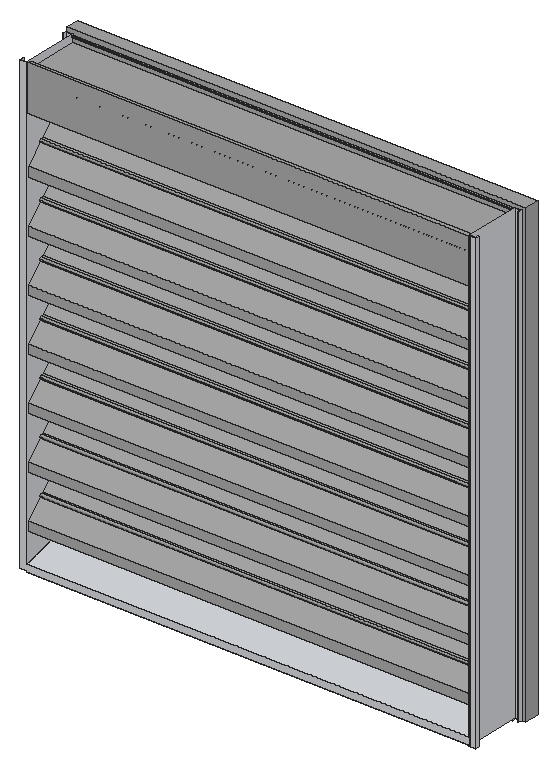
Revit family
Parameters
  Weight = "4 lb/sq.ft."  # constant formula
  Warranty = "All materials and workmanship are warranted for a period of 1 year from date of completion."  # constant formula
  URL = "http://www.industriallouvers.com"
  Surface Finish = "Aluminum, Anodized, or Kynar finish"  # constant formula
  Support Material = Aluminum
  Subcategory = "Fixed Extruded Non-Drainable "  # constant formula
  Static Pressure Loss = ".15\" of water gage @ an air flow of 823.4 FPM free area velocity"
  Specifications  URL = "http://www.industriallouvers.com/downloads/Extruded%20Non-Drainable/650XP_SD.doc"
  Screen Width [instance] = Louver Width - 0' 0 1/2"  # 3' - 11 1/2"
  Screen Material = Screen Material
  Screen Height [instance] = Louver Height - 0' 0 1/2"  # 3' - 11 1/2"
  SMARTBIM URL = "http://www.SMARTBIM.com"
  SMARTBIM Object Version = 3  # constant formula
  SMARTBIM Object Created By = "SMARTBIM, LLC"  # constant formula
  SMARTBIM Contact = "mailto:SMARTBIM@SMARTBIM.com"
  Product Submittal URL = "http://www.industriallouvers.com/downloads/Extruded%20Non-Drainable/650XP_PS.pdf"
  Product Page URL = "http://www.industriallouvers.com/lv_fend.php"
  Number of Blades [instance] = (Louver Height - 0' 8 5/8") / 0' 6"  # 7
  Model = "650XP "  # constant formula
  Minimum Height = 1' - 4"  # constant formula
  Maximum Water Penetration = ".01 oz at an air flow of 945.5 FPM"  # constant formula
  Maximum Size - Single Section [instance] = "One dimension not to exceed 78\" or 300 lbs"
  Material = "Aluminum"  # constant formula
  Manufacturer Toll Free Phone = "1-800-328-3421"  # constant formula
  Manufacturer Phone = "763-972-2981"  # constant formula
  Manufacturer Fax = "763-972-2911"  # constant formula
  Manufacturer Email = "mailto:ilinfo@industriallouvers.com"
  Manufacturer Address = "511 S. 7th Street, Delano, MN 55328"  # constant formula
  Manufacturer = "Industrial Louvers, Inc."  # constant formula
  Maintenance = "http://www.industriallouvers.com/prod-forms/Maintenance%20Instructions.pdf"
  Louver Width [instance] = 4' - 0"
  Louver Height [instance] = 4' - 0"
  Installation URL = "http://www.industriallouvers.com/downloads/Extruded%20Non-Drainable/650XP_II.pdf"
  Height [instance] = if(Louver Height < 1' 6", 1' 6", Louver Height + 0' 0 1/8")  # 4' - 0 1/8"
  Free Area for 48”x48” Louver = "52.9%"  # constant formula
  Free Area (ft²) for 48" x 48" Louver = "8.47"  # constant formula
  Frame Material = Aluminum
  Fill Material = Product Filling
  Description = "Fixed Extruded Non-Drainable "  # constant formula
  Depth = 0' - 6"  # constant formula
  Default Elevation = 4' - 0"
  Cost Info = "Contact Factory"  # constant formula
  CAD Drawings = "http://www.industriallouvers.com/downloads/Extruded%20Non-Drainable/650XP_ACD.dwg"
  Blade Width [instance] = Louver Width - 0' 1 1/2"  # 3' - 10 1/2"
  Blade Start Height [instance] = 0' 1" + (((Louver Height - Blade Region Height) / 2) / 2) - 0' 0 5/64"  # 0' - 3 59/64"
  Blade Region Height [instance] = (Blade Count) * 0' 6" - 0' 6"  # 3' - 0"
  Blade Material = Aluminum
  Blade Count [instance] = if(((Louver Height - 0' 5 1/2") / 0' 5") < 2, 2, ((Louver Height - 0' 8 5/8") / 0' 6"))  # 7
  Assembly Code = "B2010300"
  95 CSI = "10200"  # constant formula
  04 CSI = "08 91 00"  # constant formula
Reference planes (in)
  plane 1 "Center (Front/Back)": y = -1
  plane 2: z = 0
  plane 3 "Center (Left/Right)": x = 0
  plane 4: x = -24.2
  plane 5 "Back of Blade": y = 2
  plane 6: z = 4.04688
  plane 7: z = 40.04688
  plane 8: z = 48.47554
  plane 9 "Back of Screen": y = 2.345
  plane 10: y = 2.47
  plane 11: y = 3.845
  plane 12 "Front of Louver": y = -2
  plane 13: z = 24.30027
  plane 14: x = -23.25
  plane 15: y = -4
  plane 16: z = 24.30027
  plane 17: z = 0.25
  plane 18: z = 37.51563
  plane 19: z = 47.55027
  plane 20: x = -24
  plane 21: z = 0.30027
  plane 22: z = 48.30027
  plane 23: x = 24.2
  plane 24: x = 23.25
  plane 25: x = 24
Forms (in)
  Extrusion 1, solid, material "Aluminum" <- "Blade Material"
    sketch origin (0, -24.00003, 0.33429) x (0, 1, 0) y (0, 0, 1)
      loop
        line (20.08, 47.21598) -> (20.08, 46.50253) -> (21.45931, 45.12323)
        arc (21.45931, 45.12323) -> (21.48805, 45.11491) -> (21.51043, 45.13476) r 0.031
        arc (21.51043, 45.13476) -> (21.5615, 45.20521) -> (21.64253, 45.23689) r 0.1545
        line (21.64253, 45.23689) -> (21.92803, 45.26187) -> (22.21233, 45.54286) -> (22.70035, 46.03089) -> (24.75609, 47.21598) -> (20.08, 47.21598)
      loop
        line (20.08, 47.29598) -> (20.08, 47.88598) -> (20.375, 47.88598) -> (20.375, 47.96598) -> (20, 47.96598) -> (20, 43.21598) -> (21.75281, 44.96879)
        arc (21.75281, 44.96879) -> (21.75425, 45.02127) -> (21.70194, 45.0256) r 0.03819
        arc (21.70194, 45.0256) -> (21.5825, 45.08272) -> (21.70152, 45.14069) r 0.0735
        arc (21.70152, 45.14069) -> (21.74261, 45.13528) -> (21.76694, 45.16882) r 0.0405
        line (21.76694, 45.16882) -> (21.97066, 45.18664) -> (22.75214, 45.96764) -> (24.92268, 47.21698) -> (25.91903, 47.21698) -> (25.91903, 47.96598) -> (25.67, 47.96598) -> (25.67, 47.88598) -> (25.839, 47.88598) -> (25.839, 47.29598) -> (20.08, 47.29598)
      loop
        arc (21.5468, 44.87734) -> (21.55588, 44.89926) -> (21.5468, 44.92118) r 0.031
        line (21.5468, 44.92118) -> (20.08, 46.38798) -> (20.08, 43.41053) -> (21.5468, 44.87734)
    from -23.25 to 23.25
  Sweep 2, solid, material "Aluminum" <- "Support Material"
    path origin (0, -1, 0) x (1, 0, 0) y (0, 0, 1)
      loop
        line (-24.2, 48.47554) -> (-24.2, 0) -> (24.2, 0) -> (24.2, 48.47554) -> (-24.2, 48.47554)
    profile origin (0, -1, 48.47554) x (0, 0, 1) y (0, -1, 0)
      loop
        line (-1.5, -3.345) -> (-1.5, -3.47) -> (-0.125, -3.47) -> (-0.125, -4.845) -> (0, -4.845) -> (0, -3.345) -> (-1.5, -3.345)
  Extrusion 3, solid
    sketch origin (10, -22.75594, 29.61826) x (-1, 0, 0) y (0, -1, 0)
      loop
        line (33.92, -18.83594) -> (33.92, -19.13094) -> (34, -19.13094) -> (34, -18.75594) -> (33.25, -18.75594) -> (33.25, -24.75594) -> (34, -24.75594) -> (34, -24.38094) -> (33.92, -24.38094) -> (33.92, -24.67494) -> (33.33, -24.67494) -> (33.33, -18.83594) -> (33.92, -18.83594)
    from -29.31799 to 18.68201
  Extrusion 4, solid
    sketch origin (-1.8, 22.75594, 29.61826) x (1, 0, 0) y (0, 1, 0)
      loop
        line (25.71922, -26.67594) -> (25.12922, -26.67594) -> (25.12922, -20.83694) -> (25.71922, -20.83694) -> (25.71922, -21.13094) -> (25.79922, -21.13094) -> (25.79922, -20.75594) -> (25.05, -20.75594) -> (25.05, -26.75594) -> (25.79922, -26.75594) -> (25.79922, -26.38094) -> (25.71922, -26.38094) -> (25.71922, -26.67594)
    from -29.44299 to 18.68201
  Extrusion 5, solid
    sketch origin (0, 0, 0) x (0, 1, 0) y (0, 0, 1)
      loop
        line (-3.75, 0.02517) -> (-3.25, 0.02517) -> (-3.25, 0.10617) -> (-3.669, 0.10617) -> (-3.669, 0.35617) -> (-3.919, 0.35617) -> (-3.919, 0.96302) -> (-3.00527, 1.20785) -> (-2.569, 1.20785) -> (-2.569, 1.32475) -> (0.63173, 2.18238) -> (1.068, 2.18238) -> (1.068, 2.29928) -> (1.87998, 2.51685)
        arc (1.87998, 2.51685) -> (1.90687, 2.5115) -> (1.919, 2.48691) r 0.031
        line (1.919, 2.48691) -> (1.919, 0.10617) -> (1.75, 0.10617) -> (1.75, 0.02517) -> (2, 0.02517) -> (2, 6.27517) -> (1.64645, 5.92162) -> (1.761, 5.92162) -> (1.919, 6.07962) -> (1.919, 2.63495)
        arc (1.919, 2.63495) -> (1.91259, 2.61608) -> (1.89602, 2.60501) r 0.031
        line (1.89602, 2.60501) -> (-4, 1.02517) -> (-4, 0.27517) -> (-3.75, 0.27517) -> (-3.75, 0.02517)
    from -23.25 to 23.25
Cuts and joins
  joined: Extrusion 3, Extrusion 4, Extrusion 5
Dimensions and locks (in)
  "Blade Region Height": plane 7 to plane 6
  plane 6 to level = 0' - 4 3/64"
  locked: plane 11 to plane 9 "Back of Screen" at 1.5
  locked: plane 10 to plane 9 "Back of Screen" at 0.125
  locked: plane 9 "Back of Screen" to plane 5 "Back of Blade" at 0.345
  equal spacing: plane 5 "Back of Blade", plane 1 "Center (Front/Back)", plane 15
  locked: plane 5 "Back of Blade" to plane 15 at 6
  locked: plane 4 to plane 14 at 0.95
  locked: plane 17 to level at 0.25
  locked: plane 7 to plane 18 at 2.53125
  equal spacing: group 1, group 3, group 4, group 5, group 6, group 7, group 2  (x3)
  nested 4 to plane 6 = 0' - 5 37/64"
  locked: plane 8 to plane 19 at 0.92527
  locked: plane 4 to plane 20 at 0.2
  locked: plane 22 to plane 8 at 0.17527
  locked: plane 21 to plane 6 at 3.74661
  "Louver Height": plane 21 to plane 22
  equal spacing: plane 21, plane 16, plane 22
  locked: plane 23 to plane 24 at 0.95
  locked: plane 23 to plane 25 at 0.2
  equal spacing: plane 20, plane 3 "Center (Left/Right)", plane 25
  "Louver Width": plane 20 to plane 25
  Extrusion 4 sketch curve to Extrusion 4 sketch curve to Extrusion 4 sketch curve to Extrusion 4 sketch curve = 0' - 0.07922" locked, 0' - 0.59" locked, 0' - 0.08" locked
  Extrusion 4 sketch curve to Extrusion 4 sketch curve to Extrusion 4 sketch curve = 0' - 0.59" locked, 0' - 0.08" locked
  aligned and locked: Sweep 2 sketch curve to plane 8
  aligned and locked: Sweep 2 sketch curve to level
  aligned and locked: Sweep 2 sketch curve to plane 4
  aligned and locked: Sweep 2 to plane 9 "Back of Screen"
  aligned and locked: nested 1 to plane 9 "Back of Screen"
  aligned and locked: nested 1 to plane 5 "Back of Blade"
  aligned and locked: plane 3 "Center (Left/Right)" to nested 1
  aligned and locked: plane 16 to plane 13
  aligned and locked: plane 17 to nested 1
  aligned and locked: plane 3 "Center (Left/Right)" to nested 2
  aligned and locked: plane 6 to nested 2
  aligned and locked: nested 2 to plane 5 "Back of Blade"
  aligned and locked: nested 3 to plane 5 "Back of Blade"
  aligned and locked: plane 18 to nested 3
  aligned and locked: Extrusion 1 to plane 19
  aligned and locked: Extrusion 1 to plane 14
  aligned and locked: Extrusion 1 to plane 24
  aligned and locked: plane 24 to Extrusion 4
  aligned and locked: plane 23 to Sweep 2 sketch curve
  aligned and locked: Extrusion 4 to plane 22
  aligned and locked: Extrusion 3 to plane 22
  aligned and locked: Extrusion 5 to plane 24
  aligned and locked: Extrusion 5 to plane 14
Automatic sketch dimensions
  profile plane to Sweep 2 sketch curve = 0' - 0"
  Sweep 2 sketch curve to Sweep 2 sketch curve = 0' - 0 1/8"  (x2)
  Sweep 2 sketch curve to Sweep 2 sketch curve = 0' - 1 3/8"  (x2)
  Sweep 2 sketch curve to plane 1 "Center (Front/Back)" = 0' - 4.845"
  Extrusion 3 sketch curve to plane 14 = 0' - 0"
  Extrusion 3 sketch curve to plane 20 = 0' - 0"  (x2)
  plane 15 to Extrusion 3 sketch curve = 0' - 0"
  Extrusion 3 sketch curve to plane 5 "Back of Blade" = 0' - 0"
  Extrusion 3 sketch curve to plane 14 = 0' - 0.08"
  Extrusion 3 sketch curve to plane 20 = 0' - 0.08"  (x2)
  Extrusion 3 sketch curve to plane 5 "Back of Blade" = 0' - 0.081"
  Extrusion 3 sketch curve to Extrusion 3 sketch curve = 0' - 0.294"
  Extrusion 3 sketch curve to Extrusion 3 sketch curve = 0' - 0 3/8"
  Extrusion 3 sketch curve to plane 15 = 0' - 0.08"
  plane 15 to Extrusion 4 sketch curve = 0' - 0"
  Extrusion 4 sketch curve to plane 5 "Back of Blade" = 0' - 0"
  Extrusion 4 sketch curve to plane 24 = 0' - 0"
  Extrusion 4 sketch curve to plane 15 = 0' - 0.08"
  Extrusion 4 sketch curve to plane 5 "Back of Blade" = 0' - 0.081"
  Extrusion 4 sketch curve to Extrusion 4 sketch curve = 0' - 0.295"
  Extrusion 4 sketch curve to Extrusion 4 sketch curve = 0' - 0.294"
  Extrusion 5 sketch curve to plane 15 = 0' - 0"
  Extrusion 5 sketch curve to plane 5 "Back of Blade" = 0' - 0"
  Extrusion 5 sketch curve to plane 15 = 0' - 0.081"
  level to Extrusion 5 sketch curve = 0' - 0.02517"  (x2)
  Extrusion 5 sketch curve to plane 15 = 0' - 0 1/4"
  Extrusion 5 sketch curve to Extrusion 5 sketch curve = 0' - 0.081"  (x2)
  level to Extrusion 5 sketch curve = 0' - 0.10617"
  Extrusion 5 sketch curve to Extrusion 5 sketch curve = 0' - 0.419"
  Extrusion 5 sketch curve to Extrusion 5 sketch curve = 0' - 0.91373"
  Extrusion 5 sketch curve to Extrusion 5 sketch curve = 0' - 0.43627"  (x2)
  Extrusion 5 sketch curve to plane 5 "Back of Blade" = 0' - 1.36827"
  Extrusion 5 sketch curve to plane 5 "Back of Blade" = 0' - 0.35355"
  Extrusion 5 sketch curve to plane 5 "Back of Blade" = 0' - 0 1/4"
  Extrusion 5 sketch curve to Extrusion 5 sketch curve = 0' - 0.11455"
  Extrusion 5 sketch curve to plane 5 "Back of Blade" = 0' - 0.12002"
  Extrusion 5 sketch curve to Extrusion 5 sketch curve = 0' - 0.00802"  (x2)
  Extrusion 5 sketch curve to plane 5 "Back of Blade" = 0' - 0.112"
  Extrusion 5 sketch curve to plane 5 "Back of Blade" = 0' - 0.081"
  Extrusion 5 sketch curve to Extrusion 5 sketch curve = 0' - 0.031"
  plane 21 to Extrusion 5 sketch curve = 0' - 0.0251"
  Extrusion 5 sketch curve to plane 21 = 0' - 0.0559"
  Extrusion 5 sketch curve to Extrusion 5 sketch curve = 0' - 0.60685"
  Extrusion 5 sketch curve to Extrusion 5 sketch curve = 0' - 0.06215"
  Extrusion 5 sketch curve to plane 21 = 0' - 0.90758"
  Extrusion 5 sketch curve to Extrusion 5 sketch curve = 0' - 0.1169"  (x2)
  Extrusion 5 sketch curve to plane 6 = 0' - 1.86449"
  Extrusion 5 sketch curve to Extrusion 5 sketch curve = 0' - 0.30452"
  Extrusion 5 sketch curve to Extrusion 5 sketch curve = 0' - 0.08816"
  plane 6 to Extrusion 5 sketch curve = 0' - 1.87474"
  Extrusion 5 sketch curve to Extrusion 5 sketch curve = 0' - 0.158"
  Extrusion 5 sketch curve to Extrusion 5 sketch curve = 0' - 0.19555"
  Extrusion 1 sketch curve to Extrusion 1 sketch curve = 0' - 0"  (x5)
  Extrusion 1 sketch curve to plane 22 = 0' - 0"  (x2)
  Extrusion 1 sketch curve to plane 19 = 0' - 0"
  plane 15 to Extrusion 1 sketch curve = 0' - 0.00003"
  Extrusion 1 sketch curve to plane 15 = 0' - 0.07997"  (x6)
  Extrusion 1 sketch curve to Extrusion 1 sketch curve = 0' - 0.295"
  plane 12 "Front of Louver" to Extrusion 1 sketch curve = 0' - 0.54073"
  Extrusion 1 sketch curve to Extrusion 1 sketch curve = 0' - 0.02192"  (x4)
  Extrusion 1 sketch curve to Extrusion 1 sketch curve = 0' - 0.02921"
  Extrusion 1 sketch curve to Extrusion 1 sketch curve = 0' - 0.06558"
  Extrusion 1 sketch curve to Extrusion 1 sketch curve = 0' - 0.1321"
  Extrusion 1 sketch curve to Extrusion 1 sketch curve = 0' - 0.14557"
  Extrusion 1 sketch curve to Extrusion 1 sketch curve = 0' - 0.04552"
  Extrusion 1 sketch curve to Extrusion 1 sketch curve = 0' - 0.04594"
  Extrusion 1 sketch curve to Extrusion 1 sketch curve = 0' - 0.02387"
  Extrusion 1 sketch curve to Extrusion 1 sketch curve = 0' - 0.02509"
  Extrusion 1 sketch curve to Extrusion 1 sketch curve = 0' - 0.027"
  Extrusion 1 sketch curve to Extrusion 1 sketch curve = 0' - 0.04033"
  plane 12 "Front of Louver" to Extrusion 1 sketch curve = 0' - 0.072"
  plane 12 "Front of Louver" to Extrusion 1 sketch curve = 0' - 0.02937"
  Extrusion 1 sketch curve to plane 12 "Front of Louver" = 0' - 0.21229"
  plane 1 "Center (Front/Back)" to Extrusion 1 sketch curve = 0' - 0.29968"
  Extrusion 1 sketch curve to Extrusion 1 sketch curve = 0' - 0.05179"
  Extrusion 1 sketch curve to plane 5 "Back of Blade" = 0' - 1.24395"
  plane 19 to Extrusion 1 sketch curve = 0' - 0.001"
  Extrusion 1 sketch curve to Extrusion 1 sketch curve = 0' - 0.16659"
  Extrusion 1 sketch curve to plane 5 "Back of Blade" = 0' - 0.33003"
  plane 22 to Extrusion 1 sketch curve = 0' - 0.08"  (x2)
  Extrusion 1 sketch curve to plane 5 "Back of Blade" = 0' - 0.16103"
  Extrusion 1 sketch curve to plane 5 "Back of Blade" = 0' - 0.081"
  Extrusion 1 sketch curve to Extrusion 1 sketch curve = 0' - 0.71345"
  Extrusion 1 sketch curve to Extrusion 1 sketch curve = 0' - 0.11455"
  Extrusion 1 sketch curve to plane 19 = 0' - 1.18509"
  Extrusion 1 sketch curve to Extrusion 1 sketch curve = 0' - 0.06325"
  Extrusion 1 sketch curve to Extrusion 1 sketch curve = 0' - 0.42478"
  Extrusion 1 sketch curve to Extrusion 1 sketch curve = 0' - 0.28099"
  Extrusion 1 sketch curve to Extrusion 1 sketch curve = 0' - 0.02498"
  Extrusion 1 sketch curve to Extrusion 1 sketch curve = 0' - 0.07523"
  Extrusion 1 sketch curve to Extrusion 1 sketch curve = 0' - 0.06441"
  Extrusion 1 sketch curve to Extrusion 1 sketch curve = 0' - 0.00366"
  Extrusion 1 sketch curve to Extrusion 1 sketch curve = 0' - 0.10443"
  Extrusion 1 sketch curve to Extrusion 1 sketch curve = 0' - 1.4668"
  Extrusion 1 sketch curve to Extrusion 1 sketch curve = 0' - 0.19455"
  plane 19 to Extrusion 1 sketch curve = 0' - 0.08"
Nested families (in)
  nested 1: "Louver Screen" at (18, 2, 0.25), Height <- "Screen Height", Width <- "Screen Width", type "Louver Screen"
    with Width 3' - 11 1/2", Height 3' - 11 1/2", Depth 0' - 0.345"
  nested 2: "Louver-Blade_650XP_IndustrialLouver" at (0, 2, 4.04688), type "Louver-Blade_650XP_IndustrialLouver"
  nested 3: "Louver-Blade_650XP_IndustrialLouver" at (0, 2, 37.51563), type "Louver-Blade_650XP_IndustrialLouver"
  nested 4: "Louver-Blade_650XP_IndustrialLouver" at (0, 2, 9.625), type "Louver-Blade_650XP_IndustrialLouver"
  nested 5: "Louver-Blade_650XP_IndustrialLouver" at (0, 2, 15.20313), type "Louver-Blade_650XP_IndustrialLouver"
  nested 6: "Louver-Blade_650XP_IndustrialLouver" at (0, 2, 20.78125), type "Louver-Blade_650XP_IndustrialLouver"
  nested 7: "Louver-Blade_650XP_IndustrialLouver" at (0, 2, 26.35938), type "Louver-Blade_650XP_IndustrialLouver"
  nested 8: "Louver-Blade_650XP_IndustrialLouver" at (0, 2, 31.9375), type "Louver-Blade_650XP_IndustrialLouver"
Connectors (in)
  hvac at (0, 2.47, 24.23777), driven by "Louver Width", driven by "Louver Height"
    settings: on Sweep 2, index 1, duct flow 0 CFM, flow factor 0, pres drop 0.00 in-wg, loss coef 0, conn angle 0.00°, conn width 48", conn height 48", conn radius 12", duct sys type 1, conn prof type 1, flow config 0, flow direction 0, loss method 0, conn ref index -1, conn util no, is conn primary yes, conn desc ""
Definition of nested family "Louver Screen"
  Parameters (values of type "Louver Screen")
    Width [instance] = 5' - 0"
    Screen Frame = Aluminum
    Screen = Screen Material
    Height [instance] = 2' - 0"
    Depth [instance] = 0' - 0 115/256"
  Reference planes (in)
    plane 1 "Front": y = 0
    plane 2: z = 0
    plane 3 "Center (Left/Right)": x = -18
    plane 4: x = -48
    plane 5: x = 12
    plane 6: z = 24
    plane 7: x = -47.25
    plane 8: x = 11.25
    plane 9: z = 23.25
    plane 10: z = 0.75
    plane 11 "Back": y = 0.44922
    plane 12 "Center (Front/Back)": y = 0.22461
    plane 13: y = 0.19336
    plane 14: y = 0.25586
  Forms (in)
    Sweep 1, solid, material "Aluminum" <- "Screen Frame"
      path origin (0, 0, 0) x (1, 0, 0) y (0, 0, 1)
        loop
          line (-48, 24) -> (-48, 0) -> (12, 0) -> (12, 24) -> (-48, 24)
      profile origin (-18, 0, 24) x (0, 0, 1) y (0, -1, 0)
        loop
          line (0, 0) -> (-0.75, 0) -> (-0.75, -0.44922) -> (0, -0.44922) -> (0, 0)
    Extrusion 2, solid, material "Screen Material" <- "Screen"
      sketch origin (0, 0, 0) x (1, 0, 0) y (0, 0, 1)
        loop
          line (-47.25, 0.75) -> (11.25, 0.75) -> (11.25, 23.25) -> (-47.25, 23.25) -> (-47.25, 0.75)
      from -0.19336 to -0.25586
  Dimensions and locks (in)
    equal spacing: plane 4, plane 3 "Center (Left/Right)", plane 5
    "Width": plane 4 to plane 5
    "Height": plane 6 to level
    locked: Sweep 1 sketch curve to Sweep 1 sketch curve at 0.75
    locked: plane 6 to plane 9 at 0.75
    locked: plane 4 to plane 7 at 0.75
    locked: plane 5 to plane 8 at 0.75
    locked: plane 10 to level at 0.75
    "Depth": plane 1 "Front" to plane 11 "Back"
    equal spacing: plane 1 "Front", plane 12 "Center (Front/Back)", plane 11 "Back"
    plane 14 to plane 12 "Center (Front/Back)" to plane 13 = 0' - 0 1/32" locked, 0' - 0 1/32" locked
    aligned and locked: Sweep 1 sketch curve to plane 6
    aligned and locked: Sweep 1 sketch curve to plane 4
    aligned and locked: Sweep 1 sketch curve to level
    aligned and locked: Sweep 1 sketch curve to plane 5
    aligned and locked: Extrusion 2 sketch curve to plane 7
    aligned and locked: Extrusion 2 sketch curve to plane 9
    aligned and locked: Extrusion 2 sketch curve to plane 10
    aligned and locked: Extrusion 2 sketch curve to plane 8
    aligned and locked: plane 11 "Back" to Sweep 1
    aligned and locked: plane 1 "Front" to Sweep 1 sketch curve
    aligned and locked: plane 11 "Back" to Sweep 1 sketch curve
    aligned and locked: plane 14 to Extrusion 2
    aligned and locked: Extrusion 2 to plane 13
  Automatic sketch dimensions
    profile plane to Sweep 1 sketch curve = 0' - 0"
Definition of nested family "Louver-Blade_650XP_IndustrialLouver"
  Parameters (values of type "Louver-Blade_650XP_IndustrialLouver")
    Width = 3' - 10 1/2"
    Fill Material = Product Filling
    Blade Material = Aluminum
    Assembly Code = ""
  Reference planes (in)
    plane 1 "Center (Front/Back)": y = 0
    plane 2: z = 0
    plane 3 "Center (Left/Right)": x = 0
    plane 4: x = -23.25
    plane 5: x = 23.25
    plane 6: z = 7.51508
    plane 7: z = 3.75754
  Forms (in)
    Extrusion 1, solid, material "Aluminum" <- "Blade Material"
      sketch origin (0, 0, 0.11613) x (0, 1, 0) y (0, 0, 1)
        loop
          line (-5.838, 0.78832) -> (-4.16714, 2.45918)
          arc (-4.16714, 2.45918) -> (-4.16569, 2.51173) -> (-4.21807, 2.51608) r 0.03824
          arc (-4.21807, 2.51608) -> (-4.3375, 2.57346) -> (-4.21807, 2.63085) r 0.0735
          arc (-4.21807, 2.63085) -> (-4.17946, 2.62541) -> (-4.15615, 2.65668) r 0.03824
          line (-4.15615, 2.65668) -> (-3.95176, 2.67456) -> (-0.53687, 6.08945) -> (0, 6.62632) -> (0, 7.39895) -> (-0.34171, 7.05723) -> (-0.22716, 7.05723) -> (-0.081, 7.20339) -> (-0.081, 6.65987) -> (-3.98819, 2.75268) -> (-4.27747, 2.72737)
          arc (-4.27747, 2.72737) -> (-4.4139, 2.61086) -> (-4.34819, 2.44391) r 0.1545
          arc (-4.34819, 2.44391) -> (-4.3347, 2.42189) -> (-4.34332, 2.39755) r 0.03
          line (-4.34332, 2.39755) -> (-5.919, 0.82187) -> (-5.919, -0.13876) -> (-5.838, -0.05776) -> (-5.838, 0.78832)
      from -23.25 to 23.25
  Dimensions and locks (in)
    equal spacing: plane 4, plane 3 "Center (Left/Right)", plane 5
    "Width": plane 4 to plane 5
    locked: plane 6 to level at 7.51508
    equal spacing: plane 6, plane 7, level
    aligned and locked: Extrusion 1 to plane 4
    aligned and locked: plane 5 to Extrusion 1
  Automatic sketch dimensions
    level to Extrusion 1 sketch curve = 0' - 0.90445"
    plane 1 "Center (Front/Back)" to Extrusion 1 sketch curve = 0' - 5.838"
    Extrusion 1 sketch curve to Extrusion 1 sketch curve = 0' - 1.574"
    Extrusion 1 sketch curve to Extrusion 1 sketch curve = 0' - 0.04593"  (x2)
    Extrusion 1 sketch curve to Extrusion 1 sketch curve = 0' - 0"  (x6)
    Extrusion 1 sketch curve to Extrusion 1 sketch curve = 0' - 0.02389"  (x2)
    Extrusion 1 sketch curve to Extrusion 1 sketch curve = 0' - 0.02704"  (x2)
    Extrusion 1 sketch curve to Extrusion 1 sketch curve = 0' - 0.03803"
    level to Extrusion 1 sketch curve = 0' - 0.938"
    Extrusion 1 sketch curve to Extrusion 1 sketch curve = 0' - 0.14646"
    Extrusion 1 sketch curve to Extrusion 1 sketch curve = 0' - 0.01635"
    Extrusion 1 sketch curve to Extrusion 1 sketch curve = 0' - 0.02121"  (x2)
    Extrusion 1 sketch curve to Extrusion 1 sketch curve = 0' - 0.08329"
    Extrusion 1 sketch curve to Extrusion 1 sketch curve = 0' - 0 43/256"
    Extrusion 1 sketch curve to Extrusion 1 sketch curve = 0' - 0.03643"
    plane 1 "Center (Front/Back)" to Extrusion 1 sketch curve = 0' - 0.53687"
    plane 1 "Center (Front/Back)" to Extrusion 1 sketch curve = 0' - 0.081"
    Extrusion 1 sketch curve to Extrusion 1 sketch curve = 0' - 0.57042"
    Extrusion 1 sketch curve to level = 0' - 0.02263"
    level to Extrusion 1 sketch curve = 0' - 0.05837"
    Extrusion 1 sketch curve to Extrusion 1 sketch curve = 0' - 0.081"
    Extrusion 1 sketch curve to Extrusion 1 sketch curve = 0' - 0.11455"
    Extrusion 1 sketch curve to Extrusion 1 sketch curve = 0' - 0.14616"  (x2)
    plane 1 "Center (Front/Back)" to Extrusion 1 sketch curve = 0' - 0"
    Extrusion 1 sketch curve to Extrusion 1 sketch curve = 0' - 0.03355"
    Extrusion 1 sketch curve to Extrusion 1 sketch curve = 0' - 0.39736"
    Extrusion 1 sketch curve to Extrusion 1 sketch curve = 0' - 0.19555"
    Extrusion 1 sketch curve to Extrusion 1 sketch curve = 0' - 1.60923"
    Extrusion 1 sketch curve to Extrusion 1 sketch curve = 0' - 0.01788"
    Extrusion 1 sketch curve to Extrusion 1 sketch curve = 0' - 0 5/64"
    Extrusion 1 sketch curve to Extrusion 1 sketch curve = 0' - 3.33677"
